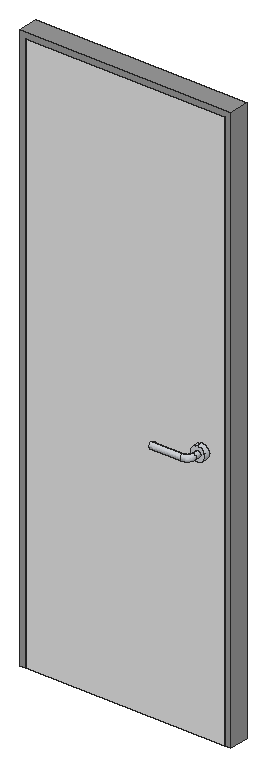
Revit family "- Lucero FR60", category Doors, host Wall, Revit 2018
Family settings
  Host = Wall
  OmniClass Number = 23.30.10.00
  OmniClass Title = Doors
  Always vertical = Yes
  Cut with Voids When Loaded = No
  Shared = No
  Room Calculation Point = No
Parameters (values of type "- 70 x 200 cm")
  Set de Marcos = ""
  Relleno = ""
  Material Marco = - Perfil Aluminio
  Material Hoja = - HDF Primer
  Manilla = - Manilla
  Hojas = "Simple de Abatir"
  Function = Interior
  Frame Projection Ext. = 2.50 cm
  Frame Projection Int. = 2.50 cm
  Frame Width = 7.50 cm
  Height = 200.00 cm
  Wall Closure = By host
  Width = 74.00 cm
  Distancia a Cara Interior = 6.00 cm
  Bisagras = ""
  Ancho Hoja = Width - 4.00 cm  # 70.00 cm
  Ancho = Width  # 74.00 cm
  Analytic Construction = "<None>"
  Alto = Height  # 200.00 cm
Types (12, lengths in cm): name | Material Hoja | Height | Width | Ancho Hoja | Ancho | Alto
  - 70 x 200 cm | - HDF Primer | 200.00 | 74.00 | 70.00 | 74.00 | 200.00
  - 75 x 200 cm | none | 200.00 | 79.00 | 75.00 | 79.00 | 200.00
  - 80 x 200 cm | none | 200.00 | 84.00 | 80.00 | 84.00 | 200.00
  - 85 x 200 cm | none | 200.00 | 89.00 | 85.00 | 89.00 | 200.00
  - 90 x 200 cm | none | 200.00 | 94.00 | 90.00 | 94.00 | 200.00
  -100 x 200 cm | none | 200.00 | 104.00 | 100.00 | 104.00 | 200.00
  - 70 x 210 cm | none | 210.00 | 74.00 | 70.00 | 74.00 | 210.00
  - 75 x 210 cm | none | 210.00 | 79.00 | 75.00 | 79.00 | 210.00
  - 80 x 210 cm | none | 210.00 | 84.00 | 80.00 | 84.00 | 210.00
  - 85 x 210 cm | none | 210.00 | 89.00 | 85.00 | 89.00 | 210.00
  - 90 x 210 cm | none | 210.00 | 94.00 | 90.00 | 94.00 | 210.00
  - 100 x 210 cm | - HDF Crystal | 210.00 | 104.00 | 100.00 | 104.00 | 210.00
Reference planes (cm)
  plane 1: y = 0
  plane 2 "Center (Left/Right)": x = 0
  plane 3 "Left": x = -37
  plane 4 "Right": x = 37
  plane 5: z = 200
  plane 6 "Exterior": y = 7.5
  plane 7 "Interior": y = -7.5
  plane 8: y = -1.5
  plane 9: z = 198
  plane 10: x = -35
  plane 11: x = 35
Forms (cm)
  Sweep 1, solid, material "- Perfil Aluminio" <- "Material Marco"
    path origin (0, 7.5, 0) x (1, 0, 0) y (0, 0, 1)
      loop
        line (37, 0) -> (37, 200) -> (-37, 200) -> (-37, 0)
    profile origin (37, 7.5, 100) x (-1, 0, 0) y (0, -1, 0)
      loop
        line (0, 2) -> (3, 2) -> (3, 4.3) -> (2, 4.3) -> (2, 9) -> (0, 9) -> (0, 2)
  Extrusion 2, solid, material "- HDF Primer" <- "Material Hoja"
    sketch origin (0, 0, 0) x (1, 0, 0) y (0, 1, 0)
      loop
        line (-35, -1.5) -> (35, -1.5) -> (35, 3) -> (-35, 3) -> (-35, -1.5)
    from 0 to 198
  Sweep 3, solid, material "- Manilla" <- "Manilla", not visible
    path origin (5.8483, -7.5601, 0) x (1, 0, 0) y (0, 1, 0)
      loop
        line (22.1517, 15.0613) -> (32.1517, 15.0613)
        arc (32.1517, 15.0613) -> (33.5659, 14.4756) -> (34.1517, 13.0613) r 2
        line (34.1517, 13.0613) -> (34.1517, 11.0613)
    profile origin (33, 7.5012, 0) x (0, 1, 0) y (0, 0, 1)
      loop
        circle (0, 90) r 1
  Extrusion 4, solid, material "- Manilla" <- "Manilla", not visible
    sketch origin (0, 7.5, 0) x (1, 0, 0) y (0, 0, 1)
      loop
        circle (40, 90) r 2.5
    from 3.9988 to 5
Lines and regions (cm)
  Opening 1
    outline origin (-305, -7.5, 0) x (1, 0, 0) y (0, 0, 1)
      loop
        line (268, 0) -> (342, 0) -> (342, 200) -> (268, 200) -> (268, 0)
  symbolic lines, style "Elevation Swing"
    curve 1: line (37, -7.5, 100) -> (-37, -7.5, 200)
    curve 2: line (37, -7.5, 100) -> (-37, -7.5, 0)
    curve 7: arc (-30.5, -71.5, 0) -> (16.4246, -49.6941, 0) -> (35.2596, -1.5001, 0) r 69.4706
  symbolic lines
    curve 3: line (-35, -1.5, 0) -> (-35, -71.5, 0)
    curve 4: line (-30.5, -1.5, 0) -> (-35, -1.5, 0)
    curve 5: line (-30.5, -71.5, 0) -> (-30.5, -1.5, 0)
    curve 6: line (-35, -71.5, 0) -> (-30.5, -71.5, 0)
  model lines, not visible
    curve 8: line (-20, 3, 25) -> (20, 3, 25)
    curve 9: line (-20, 3, 65) -> (-20, 3, 25)
    curve 10: line (20, 3, 65) -> (8.6603, 3, 65)
    curve 11: line (20, 3, 25) -> (20, 3, 65)
    curve 12: line (-20, 3, 75) -> (-8.6603, 3, 75)
    curve 13: line (-20, 3, 75) -> (-20, 3, 169.9666)
    curve 14: line (20, 3, 75) -> (20, 3, 169.9666)
    curve 15: arc (-8.6603, 3, 65) -> (0, 3, 60) -> (8.6603, 3, 65) r 10
    curve 16: line (8.6603, 3, 75) -> (20, 3, 75)
    curve 17: line (-8.6603, 3, 65) -> (-20, 3, 65)
    curve 18: arc (8.6603, 3, 75) -> (0, 3, 80) -> (-8.6603, 3, 75) r 10
    curve 19: arc (14.9666, 3, 175) -> (0, 3, 183) -> (-14.9666, 3, 175) r 18
    curve 20: arc (-20, 3, 169.9666) -> (-16.4409, 3, 171.4409) -> (-14.9666, 3, 175) r 5.0334
    curve 21: arc (14.9666, 3, 175) -> (16.4409, 3, 171.4409) -> (20, 3, 169.9666) r 5.0334
    curve 22: line (-9.2195, 3, 64) -> (-19, 3, 64)
    curve 23: line (-19, 3, 64) -> (-19, 3, 26)
    curve 24: arc (9.2195, 3, 64) -> (0, 3, 59) -> (-9.2195, 3, 64) r 11
    curve 25: line (19, 3, 64) -> (9.2195, 3, 64)
    curve 26: line (19, 3, 26) -> (19, 3, 64)
    curve 27: line (-19, 3, 26) -> (19, 3, 26)
    curve 28: line (-18.9928, 3, 168.9932) -> (-18.9928, 3, 76)
    curve 29: arc (-13.9941, 3, 174.9045) -> (-15.4113, 3, 171.0338) -> (-18.9928, 3, 168.9932) r 5.9946
    curve 30: arc (13.9971, 3, 174.7848) -> (0.0327, 3, 182.1538) -> (-13.9941, 3, 174.9045) r 17.0542
    curve 31: arc (19, 3, 169.1276) -> (15.4988, 3, 171.072) -> (13.9971, 3, 174.7848) r 6.0089
    curve 32: line (19, 3, 76) -> (19, 3, 169.1276)
    curve 33: line (9.2195, 3, 76) -> (19, 3, 76)
    curve 34: arc (-9.2195, 3, 76) -> (0, 3, 81) -> (9.2195, 3, 76) r 11
    curve 35: line (-18.9928, 3, 76) -> (-9.2195, 3, 76)
    curve 36: arc (12.052, 3, 174.0667) -> (0.0498, 3, 180.1537) -> (-12.0243, 3, 174.2107) r 15.0542
    curve 37: arc (-12.0243, 3, 174.2107) -> (-13.561, 3, 170.1508) -> (-16.9928, 3, 167.4925) r 7.9946
    curve 38: line (-16.9928, 3, 167.4925) -> (-16.9928, 3, 78)
    curve 39: line (17, 3, 78) -> (17, 3, 167.6269)
    curve 40: arc (17, 3, 167.6269) -> (13.6492, 3, 170.1731) -> (12.052, 3, 174.0667) r 8.0089
    curve 41: line (-16.9928, 3, 78) -> (-10.247, 3, 78)
    curve 42: arc (-10.247, 3, 78) -> (0, 3, 83) -> (10.247, 3, 78) r 13
    curve 43: line (10.247, 3, 78) -> (17, 3, 78)
    curve 44: line (-10.247, 3, 62) -> (-17, 3, 62)
    curve 45: arc (10.247, 3, 62) -> (0, 3, 57) -> (-10.247, 3, 62) r 13
    curve 46: line (17, 3, 62) -> (10.247, 3, 62)
    curve 47: line (17, 3, 28) -> (17, 3, 62)
    curve 48: line (-17, 3, 28) -> (17, 3, 28)
    curve 49: line (-17, 3, 62) -> (-17, 3, 28)
    curve 50: line (-314, -1.5, 25) -> (-274, -1.5, 25)
    curve 51: line (-314, -1.5, 65) -> (-314, -1.5, 25)
    curve 52: line (-274, -1.5, 25) -> (-274, -1.5, 65)
    curve 53: line (-314, -1.5, 70) -> (-274, -1.5, 70)
    curve 54: line (-314, -1.5, 70) -> (-314, -1.5, 87)
    curve 55: line (-274, -1.5, 70) -> (-274, -1.5, 87)
    curve 56: line (-274, -1.5, 65) -> (-314, -1.5, 65)
    curve 57: line (-275, -1.5, 64) -> (-313, -1.5, 64)
    curve 58: line (-313, -1.5, 64) -> (-313, -1.5, 26)
    curve 59: line (-275, -1.5, 26) -> (-275, -1.5, 64)
    curve 60: line (-313, -1.5, 26) -> (-275, -1.5, 26)
    curve 61: line (-312.9928, -1.5, 86) -> (-312.9928, -1.5, 71)
    curve 62: line (-275, -1.5, 71) -> (-275, -1.5, 86)
    curve 63: line (-312.9928, -1.5, 71) -> (-275, -1.5, 71)
    curve 64: line (-310.9928, -1.5, 84) -> (-310.9928, -1.5, 73)
    curve 65: line (-277, -1.5, 73) -> (-277, -1.5, 84)
    curve 66: line (-310.9928, -1.5, 73) -> (-277, -1.5, 73)
    curve 67: line (-277, -1.5, 62) -> (-311, -1.5, 62)
    curve 68: line (-277, -1.5, 28) -> (-277, -1.5, 62)
    curve 69: line (-311, -1.5, 28) -> (-277, -1.5, 28)
    curve 70: line (-311, -1.5, 62) -> (-311, -1.5, 28)
    curve 71: line (-310.9928, -1.5, 84) -> (-277, -1.5, 84)
    curve 72: line (-314, -1.5, 87) -> (-274, -1.5, 87)
    curve 73: line (-312.9928, -1.5, 86) -> (-275, -1.5, 86)
    curve 74: line (-310.9928, -1.5, 84) -> (-277, -1.5, 84)
    curve 75: line (-314, -1.5, 97) -> (-274, -1.5, 97)
    curve 76: line (-314, -1.5, 185) -> (-314, -1.5, 97)
    curve 77: line (-274, -1.5, 97) -> (-274, -1.5, 185)
    curve 78: line (-274, -1.5, 185) -> (-314, -1.5, 185)
    curve 79: line (-275, -1.5, 184) -> (-313, -1.5, 184)
    curve 80: line (-313, -1.5, 184) -> (-313, -1.5, 98)
    curve 81: line (-275, -1.5, 98) -> (-275, -1.5, 184)
    curve 82: line (-313, -1.5, 98) -> (-275, -1.5, 98)
    curve 83: line (-277, -1.5, 182) -> (-311, -1.5, 182)
    curve 84: line (-277, -1.5, 100) -> (-277, -1.5, 182)
    curve 85: line (-311, -1.5, 100) -> (-277, -1.5, 100)
    curve 86: line (-311, -1.5, 182) -> (-311, -1.5, 100)
    curve 87: line (-320, 3, 25) -> (-280, 3, 25)
    curve 88: line (-320, 3, 65) -> (-320, 3, 25)
    curve 89: line (-280, 3, 25) -> (-280, 3, 65)
    curve 90: line (-320, 3, 72.5) -> (-280, 3, 72.5)
    curve 91: line (-280, 3, 65) -> (-320, 3, 65)
    curve 92: line (-281, 3, 64) -> (-319, 3, 64)
    curve 93: line (-319, 3, 64) -> (-319, 3, 26)
    curve 94: line (-281, 3, 26) -> (-281, 3, 64)
    curve 95: line (-319, 3, 26) -> (-281, 3, 26)
    curve 96: line (-319, 3, 73.5) -> (-281, 3, 73.5)
    curve 97: line (-317, 3, 75.5) -> (-283, 3, 75.5)
    curve 98: line (-283, 3, 62) -> (-317, 3, 62)
    curve 99: line (-283, 3, 28) -> (-283, 3, 62)
    curve 100: line (-317, 3, 28) -> (-283, 3, 28)
    curve 101: line (-317, 3, 62) -> (-317, 3, 28)
    curve 102: line (-320, 3, 179.3431) -> (-320, 3, 72.5)
    curve 103: line (-280, 3, 72.5) -> (-280, 3, 179.3431)
    curve 104: line (-319, 3, 178.3431) -> (-319, 3, 73.5)
    curve 105: line (-281, 3, 73.5) -> (-281, 3, 178.3431)
    curve 106: line (-283, 3, 75.5) -> (-283, 3, 176.3431)
    curve 107: line (-317, 3, 176.3431) -> (-317, 3, 75.5)
    curve 108: arc (-292, 3, 181) -> (-300, 3, 185) -> (-308, 3, 181) r 10
    curve 109: arc (-292, 3, 181) -> (-290.1648, 3, 179.7737) -> (-288, 3, 179.3431) r 5.6569
    curve 110: arc (-308, 3, 181) -> (-309.8352, 3, 179.7737) -> (-312, 3, 179.3431) r 5.6569
    curve 111: line (-288, 3, 179.3431) -> (-280, 3, 179.3431)
    curve 112: line (-312, 3, 179.3431) -> (-320, 3, 179.3431)
    curve 113: line (-281, 3, 178.3431) -> (-288, 3, 178.3431)
    curve 114: arc (-288, 3, 178.3431) -> (-290.5825, 3, 178.8645) -> (-292.7604, 3, 180.3468) r 6.6569
    curve 115: arc (-292.7604, 3, 180.3468) -> (-300, 3, 184) -> (-307.2396, 3, 180.3468) r 9
    curve 116: arc (-307.2396, 3, 180.3468) -> (-309.4175, 3, 178.8645) -> (-312, 3, 178.3431) r 6.6569
    curve 117: line (-312, 3, 178.3431) -> (-319, 3, 178.3431)
    curve 118: line (-283, 3, 176.3431) -> (-288, 3, 176.3431)
    curve 119: arc (-288, 3, 176.3431) -> (-291.43, 3, 177.0516) -> (-294.2985, 3, 179.0611) r 8.6569
    curve 120: arc (-294.2985, 3, 179.0611) -> (-300, 3, 182) -> (-305.7015, 3, 179.0611) r 7
    curve 121: arc (-305.7015, 3, 179.0611) -> (-308.57, 3, 177.0516) -> (-312, 3, 176.3431) r 8.6569
    curve 122: line (-312, 3, 176.3431) -> (-317, 3, 176.3431)
    curve 123: line (302, -1.5, 25) -> (342, -1.5, 25)
    curve 124: line (302, -1.5, 65) -> (302, -1.5, 25)
    curve 125: line (342, -1.5, 25) -> (342, -1.5, 65)
    curve 126: line (302, -1.5, 77.5) -> (342, -1.5, 77.5)
    curve 127: line (342, -1.5, 65) -> (302, -1.5, 65)
    curve 128: line (341, -1.5, 64) -> (303, -1.5, 64)
    curve 129: line (303, -1.5, 64) -> (303, -1.5, 26)
    curve 130: line (341, -1.5, 26) -> (341, -1.5, 64)
    curve 131: line (303, -1.5, 26) -> (341, -1.5, 26)
    curve 132: line (303, -1.5, 78.5) -> (341, -1.5, 78.5)
    curve 133: line (304.9998, -1.5, 80.5) -> (339.0011, -1.5, 80.5)
    curve 134: line (339, -1.5, 62) -> (305, -1.5, 62)
    curve 135: line (339, -1.5, 28) -> (339, -1.5, 62)
    curve 136: line (305, -1.5, 28) -> (339, -1.5, 28)
    curve 137: line (305, -1.5, 62) -> (305, -1.5, 28)
    curve 138: line (302, -1.5, 185) -> (302, -1.5, 77.5)
    curve 139: line (342, -1.5, 77.5) -> (342, -1.5, 185)
    curve 140: line (303, -1.5, 184) -> (303, -1.5, 78.5)
    curve 141: line (341, -1.5, 78.5) -> (341, -1.5, 184)
    curve 142: line (339.0011, -1.5, 80.5) -> (339.0011, -1.5, 182)
    curve 143: line (304.9998, -1.5, 182) -> (304.9998, -1.5, 80.5)
    curve 144: line (306, 3, 25) -> (346, 3, 25)
    curve 145: line (306, 3, 65) -> (306, 3, 25)
    curve 146: line (346, 3, 25) -> (346, 3, 65)
    curve 147: line (306, 3, 77.5) -> (346, 3, 77.5)
    curve 148: line (346, 3, 65) -> (306, 3, 65)
    curve 149: line (345, 3, 64) -> (307, 3, 64)
    curve 150: line (307, 3, 64) -> (307, 3, 26)
    curve 151: line (345, 3, 26) -> (345, 3, 64)
    curve 152: line (307, 3, 26) -> (345, 3, 26)
    curve 153: line (307, 3, 78.5) -> (345, 3, 78.5)
    curve 154: line (308.9998, 3, 80.5) -> (343.0011, 3, 80.5)
    curve 155: line (343, 3, 62) -> (309, 3, 62)
    curve 156: line (343, 3, 28) -> (343, 3, 62)
    curve 157: line (309, 3, 28) -> (343, 3, 28)
    curve 158: line (309, 3, 62) -> (309, 3, 28)
    curve 159: line (306, 3, 185) -> (306, 3, 77.5)
    curve 160: line (346, 3, 77.5) -> (346, 3, 185)
    curve 161: line (307, 3, 184) -> (307, 3, 78.5)
    curve 162: line (345, 3, 78.5) -> (345, 3, 184)
    curve 163: line (343.0011, 3, 80.5) -> (343.0011, 3, 182)
    curve 164: line (308.9998, 3, 182) -> (308.9998, 3, 80.5)
    curve 165: line (346, 3, 185) -> (306, 3, 185)
    curve 166: line (345, 3, 184) -> (307, 3, 184)
    curve 167: line (343.0011, 3, 182) -> (308.9998, 3, 182)
    curve 168: line (302, -1.5, 185) -> (342, -1.5, 185)
    curve 169: line (341, -1.5, 184) -> (303, -1.5, 184)
    curve 170: line (339.0011, -1.5, 182) -> (304.9998, -1.5, 182)
    curve 171: line (24, 7.5, 179) -> (-49, 7.5, 179)
    curve 172: line (24, 7.5, 178) -> (-49, 7.5, 178)
    curve 175: line (-49, 7.5, 178.5) -> (-48.8, 7.5, 178.5)
  model lines
    curve 173: line (-34, 7.5, 34.5) -> (-33.8, 7.5, 34.5)
    curve 174: line (-34, 7.5, 172.5) -> (-33.8, 7.5, 172.5)
    curve 176: line (-34, 7.5, 138) -> (-33.8, 7.5, 138)
    curve 177: line (-34, 7.5, 103.5) -> (-33.8, 7.5, 103.5)
    curve 178: line (-34, 7.5, 69) -> (-33.8, 7.5, 69)
    curve 179: line (-35, -1.5, 165) -> (35, -1.5, 165)
    curve 180: line (-35, -1.5, 33) -> (35, -1.5, 33)
    curve 181: line (-35, -1.5, 66) -> (35, -1.5, 66)
    curve 182: line (-35, -1.5, 99) -> (35, -1.5, 99)
    curve 183: line (-35, -1.5, 132) -> (35, -1.5, 132)
    curve 184: line (34, 3, 173.3333) -> (-34, 3, 173.3333)
    curve 185: line (34, 3, 138.6667) -> (-34, 3, 138.6667)
    curve 186: line (34, 3, 104) -> (-34, 3, 104)
    curve 187: line (34, 3, 69.3333) -> (-34, 3, 69.3333)
    curve 188: line (34, 3, 34.6667) -> (-34, 3, 34.6667)
Text (cm)
  text "Exterior" at (-229.5016, 109.9543, 0), in view "Ref. Level"
  text "Exterior" at (0, 161.538, 369.8081), in view "Left"
  text "Exterior" at (0, 103.6032, 387.4932), in view "Right"
Dimensions and locks (cm)
  equal spacing: plane 3 "Left", plane 2 "Center (Left/Right)", plane 4 "Right"
  "Width": plane 3 "Left" to plane 4 "Right"
  "Height": plane 5 to host wall
  equal spacing: host wall, curve 2, plane 5
  host wall to plane 5 = 200.00 cm
  locked: plane 6 "Exterior" to host wall at 0
  locked: plane 7 "Interior" to host wall
  "Distancia a Cara Interior": plane 7 "Interior" to plane 8
  locked: Sweep 1 sketch curve to Sweep 1 sketch curve at 7
  locked: plane 9 to plane 5 at 2
  locked: curve 3 to curve 5 at 4.5
  locked: plane 3 "Left" to plane 10 at 2
  locked: plane 11 to plane 4 "Right" at 2
  "Ancho Hoja": curve 6 to curve 4
  locked: Extrusion 2 sketch curve to Extrusion 2 sketch curve at 4.5
  locked: nested 1 to plane 4 "Right" at 10
  level to nested 1 = 90.00 cm
  locked: nested 2 to plane 4 "Right" at 10
  locked: nested 2 to level at 90
  locked: Sweep 1 sketch curve to Sweep 1 sketch curve at 2.3
  equal spacing: plane 9, curve 179, curve 183, curve 182, curve 181, curve 180, level
  aligned and locked: plane 3 "Left" to Opening 1 sketch curve
  aligned and locked: plane 5 to Opening 1 sketch curve  (x2)
  aligned and locked: Opening 1 sketch curve to plane 4 "Right"
  aligned and locked: Opening 1 sketch curve to level
  aligned and locked: plane 5 to curve 1
  aligned and locked: plane 3 "Left" to curve 2
  aligned and locked: plane 1 to host wall
  aligned and locked: plane 3 "Left" to curve 1
  aligned and locked: plane 8 to Sweep 1 sketch curve
  aligned and locked: Extrusion 2 sketch curve to plane 8
  aligned and locked: Sweep 1 to level
  aligned and locked: plane 10 to curve 3
  aligned and locked: Sweep 3 to Extrusion 4
  aligned and locked: Extrusion 2 to plane 9
Automatic sketch dimensions
  curve 7 to plane 8 = 0.0001 cm
  curve 7 to plane 11 = 0.2596 cm
  curve 4 to plane 8 = 0.00 cm
  curve 7 to plane 10 = 0.7919 cm
  Sweep 3 sketch curve to Sweep 3 sketch curve = 10.00 cm
  Sweep 3 sketch curve to Sweep 3 sketch curve = 2.00 cm  (x2)
  Sweep 3 sketch curve to profile plane = 0.00 cm
  profile plane to Sweep 3 sketch curve = 90.00 cm
  Extrusion 2 sketch curve to plane 10 = 0.00 cm
  Extrusion 2 sketch curve to plane 11 = 0.00 cm
  curve 15 to curve 18 = 0.00 cm  (x4)
  curve 15 to curve 24 = 0.00 cm  (x4)
  curve 15 to curve 34 = 0.00 cm  (x4)
  curve 15 to curve 42 = 0.00 cm  (x4)
  curve 15 to curve 45 = 0.00 cm  (x4)
  curve 29 to curve 37 = 0.00 cm  (x4)
  curve 30 to curve 36 = 0.00 cm  (x4)
  curve 31 to curve 40 = 0.00 cm  (x4)
  curve 8 to curve 31 = 0.00 cm
  curve 21 to curve 31 = 0.00 cm
  curve 14 to curve 32 = 1.00 cm
  curve 10 to curve 26 = 1.00 cm
  curve 26 to curve 47 = 2.00 cm
  curve 32 to curve 39 = 2.00 cm
  curve 46 to curve 46 = 6.753 cm
  curve 39 to curve 43 = 6.753 cm
  curve 42 to curve 33 = 1.0274 cm
  curve 45 to curve 25 = 1.0274 cm
  curve 33 to curve 16 = 0.5593 cm
  curve 24 to curve 10 = 0.5593 cm
  curve 16 to curve 24 = 8.6603 cm
  curve 39 to curve 19 = 17.00 cm
  curve 19 to curve 36 = 0.0402 cm
  curve 15 to curve 12 = 8.6603 cm
  curve 15 to curve 17 = 8.6603 cm
  curve 15 to curve 22 = 0.5593 cm
  curve 12 to curve 35 = 0.5593 cm
  curve 22 to curve 44 = 1.0274 cm
  curve 34 to curve 41 = 1.0274 cm
  curve 41 to curve 38 = 6.7459 cm
  curve 47 to curve 48 = 34.00 cm
  curve 38 to curve 35 = 2.00 cm
  curve 44 to curve 22 = 2.00 cm
  curve 28 to curve 29 = 0.9959 cm
  curve 29 to curve 20 = 0.0113 cm
  curve 22 to curve 17 = 1.00 cm
  curve 8 to curve 26 = 1.00 cm
  curve 23 to curve 49 = 2.00 cm
  curve 48 to curve 49 = 34.00 cm
  curve 45 to curve 25 = 2.00 cm
  curve 25 to curve 10 = 1.00 cm
  curve 10 to curve 45 = 5.00 cm
  curve 10 to curve 16 = 10.00 cm
  curve 12 to curve 35 = 1.00 cm
  curve 34 to curve 41 = 2.00 cm
  curve 41 to curve 19 = 87.00 cm
  curve 19 to curve 30 = 0.0997 cm
  curve 36 to curve 38 = 2.3928 cm
  curve 19 to curve 39 = 2.6269 cm
  curve 37 to curve 28 = 1.5007 cm
  curve 39 to curve 32 = 1.5007 cm
  curve 28 to curve 13 = 0.9734 cm
  curve 31 to curve 14 = 0.839 cm
  curve 13 to curve 29 = 4.9378 cm
  curve 29 to curve 20 = 0.0955 cm
  curve 21 to curve 40 = 0.0527 cm
  curve 31 to curve 36 = 1.9451 cm
  curve 55 to curve 62 = 1.4142 cm
  curve 59 to curve 68 = 2.8284 cm
  curve 62 to curve 65 = 2.8284 cm
  curve 53 to curve 63 = 1.4142 cm
  curve 57 to curve 67 = 2.8284 cm
  curve 66 to curve 64 = 33.9928 cm
  curve 68 to curve 69 = 34.00 cm
  curve 64 to curve 63 = 2.8284 cm
  curve 67 to curve 57 = 2.8284 cm
  curve 57 to curve 56 = 1.4142 cm
  curve 50 to curve 59 = 1.4142 cm
  curve 58 to curve 70 = 2.8284 cm
  curve 69 to curve 70 = 34.00 cm  (x2)
  curve 53 to curve 63 = 1.4193 cm
  curve 65 to curve 62 = 2.8284 cm
  curve 61 to curve 54 = 1.4193 cm
  curve 18 to curve 24 = 0.00 cm  (x2)
  curve 18 to curve 34 = 0.00 cm  (x2)
  curve 18 to curve 42 = 0.00 cm  (x2)
  curve 18 to curve 45 = 0.00 cm  (x2)
  curve 24 to curve 34 = 0.00 cm  (x2)
  curve 24 to curve 42 = 0.00 cm  (x2)
  curve 24 to curve 45 = 0.00 cm  (x2)
  curve 34 to curve 42 = 0.00 cm  (x2)
  curve 34 to curve 45 = 0.00 cm  (x2)
  curve 42 to curve 45 = 0.00 cm  (x2)
  curve 72 to curve 51 = 0.00 cm
  curve 75 to curve 54 = 0.00 cm
  curve 76 to curve 79 = 1.00 cm
  curve 51 to curve 57 = 1.00 cm
  curve 53 to curve 63 = 1.0072 cm
  curve 79 to curve 86 = 2.00 cm
  curve 58 to curve 70 = 2.00 cm
  curve 61 to curve 66 = 2.00 cm
  curve 64 to curve 65 = 33.9928 cm
  curve 69 to curve 69 = 34.00 cm
  curve 85 to curve 65 = 0.00 cm
  curve 68 to curve 60 = 2.00 cm
  curve 65 to curve 63 = 2.00 cm
  curve 84 to curve 82 = 2.00 cm
  curve 62 to curve 55 = 1.00 cm
  curve 57 to curve 56 = 1.00 cm  (x2)
  curve 79 to curve 78 = 1.00 cm  (x2)
  curve 50 to curve 59 = 1.00 cm
  curve 59 to curve 68 = 2.00 cm
  curve 67 to curve 57 = 2.00 cm
  curve 52 to curve 53 = 5.00 cm
  curve 53 to curve 63 = 1.00 cm
  curve 62 to curve 66 = 2.00 cm
  curve 65 to curve 71 = 11.00 cm
  curve 65 to curve 62 = 2.00 cm
  curve 62 to curve 72 = 1.00 cm
  curve 55 to curve 75 = 10.00 cm
  curve 75 to curve 82 = 1.00 cm
  curve 81 to curve 84 = 2.00 cm
  curve 84 to curve 84 = 82.00 cm
  curve 83 to curve 79 = 2.00 cm
  curve 87 to curve 90 = 0.00 cm
  curve 103 to curve 105 = 1.00 cm
  curve 89 to curve 92 = 1.00 cm
  curve 105 to curve 106 = 2.00 cm
  curve 92 to curve 99 = 2.00 cm
  curve 98 to curve 98 = 34.00 cm
  curve 106 to curve 107 = 34.00 cm
  curve 97 to curve 96 = 2.00 cm
  curve 98 to curve 92 = 2.00 cm
  curve 96 to curve 102 = 1.00 cm
  curve 92 to curve 91 = 1.00 cm
  curve 87 to curve 94 = 1.00 cm
  curve 94 to curve 99 = 2.00 cm
  curve 100 to curve 101 = 34.00 cm
  curve 98 to curve 93 = 2.00 cm
  curve 92 to curve 89 = 1.00 cm
  curve 89 to curve 103 = 7.50 cm
  curve 90 to curve 105 = 1.00 cm
  curve 96 to curve 106 = 2.00 cm
  curve 97 to curve 107 = 100.8431 cm
  curve 106 to curve 107 = 0.00 cm
  curve 106 to curve 105 = 2.00 cm
  curve 105 to curve 103 = 1.00 cm
  curve 123 to curve 126 = 52.50 cm
  curve 139 to curve 141 = 1.4142 cm
  curve 125 to curve 128 = 1.4142 cm
  curve 141 to curve 142 = 2.8276 cm
  curve 128 to curve 135 = 2.8284 cm
  curve 134 to curve 134 = 34.00 cm
  curve 142 to curve 143 = 34.0013 cm  (x2)
  curve 133 to curve 132 = 2.8283 cm
  curve 134 to curve 128 = 2.8284 cm
  curve 132 to curve 138 = 1.4142 cm
  curve 128 to curve 127 = 1.4142 cm
  curve 123 to curve 130 = 1.4142 cm
  curve 130 to curve 135 = 2.8284 cm
  curve 136 to curve 137 = 34.00 cm  (x2)
  curve 134 to curve 129 = 2.8284 cm
  curve 128 to curve 125 = 1.4142 cm
  curve 125 to curve 139 = 12.50 cm
  curve 126 to curve 141 = 1.4142 cm
  curve 132 to curve 142 = 2.8276 cm
  curve 133 to curve 143 = 101.50 cm
  curve 142 to curve 141 = 2.8276 cm
  curve 143 to curve 140 = 2.8283 cm
  curve 141 to curve 139 = 1.4142 cm
  curve 140 to curve 138 = 1.4142 cm
  curve 108 to curve 115 = 0.00 cm  (x4)
  curve 108 to curve 120 = 0.00 cm  (x4)
  curve 109 to curve 114 = 0.00 cm  (x3)
  curve 109 to curve 119 = 0.00 cm  (x4)
  curve 110 to curve 116 = 0.00 cm  (x3)
  curve 110 to curve 121 = 0.00 cm  (x3)
  curve 114 to curve 119 = 0.00 cm  (x3)
  curve 116 to curve 121 = 0.00 cm  (x4)
  curve 106 to curve 111 = 5.00 cm
  curve 118 to curve 115 = 12.00 cm
  curve 110 to curve 104 = 7.00 cm
  curve 115 to curve 106 = 1.3431 cm
  curve 122 to curve 117 = 2.00 cm
  curve 117 to curve 112 = 1.00 cm
  curve 110 to curve 121 = 5.6569 cm
  curve 111 to curve 109 = 5.6569 cm
  curve 109 to curve 109 = 4.00 cm
  curve 108 to curve 115 = 0.7604 cm
  curve 115 to curve 119 = 1.5381 cm
  curve 115 to curve 120 = 0.00 cm  (x2)
  curve 144 to curve 147 = 52.50 cm
  curve 160 to curve 162 = 1.4142 cm
  curve 146 to curve 149 = 1.4142 cm
  curve 162 to curve 163 = 2.8276 cm
  curve 149 to curve 156 = 2.8284 cm
  curve 155 to curve 155 = 34.00 cm  (x2)
  curve 163 to curve 164 = 34.0013 cm  (x3)
  curve 154 to curve 153 = 2.8283 cm
  curve 155 to curve 149 = 2.8284 cm
  curve 153 to curve 159 = 1.4142 cm
  curve 149 to curve 148 = 1.4142 cm
  curve 144 to curve 151 = 1.4142 cm  (x2)
  curve 151 to curve 156 = 2.8284 cm  (x2)
  curve 157 to curve 158 = 34.00 cm  (x3)
  curve 155 to curve 150 = 2.8284 cm  (x2)
  curve 149 to curve 146 = 1.4142 cm  (x2)
  curve 146 to curve 160 = 12.50 cm  (x3)
  curve 147 to curve 162 = 1.4142 cm
  curve 153 to curve 163 = 2.8276 cm
  curve 154 to curve 164 = 101.50 cm  (x2)
  curve 163 to curve 162 = 2.8276 cm  (x2)
  curve 164 to curve 161 = 2.8283 cm
  curve 162 to curve 160 = 1.4142 cm
  curve 161 to curve 159 = 1.4142 cm
  curve 159 to curve 145 = 120.00 cm
  curve 147 to curve 161 = 1.4142 cm
  curve 145 to curve 149 = 1.4142 cm
  curve 150 to curve 158 = 2.8284 cm
  curve 153 to curve 154 = 2.8283 cm
  curve 155 to curve 163 = 18.50 cm
  curve 156 to curve 152 = 2.8284 cm
  curve 153 to curve 160 = 1.4142 cm
  curve 151 to curve 144 = 1.4142 cm
  curve 147 to curve 153 = 1.4142 cm
  curve 153 to curve 164 = 2.8283 cm
  curve 144 to curve 147 = 0.00 cm
  curve 147 to curve 153 = 1.00 cm  (x2)
  curve 146 to curve 149 = 1.00 cm
  curve 162 to curve 163 = 1.9989 cm
  curve 149 to curve 156 = 2.00 cm
  curve 155 to curve 158 = 34.00 cm
  curve 164 to curve 161 = 1.9998 cm
  curve 155 to curve 149 = 2.00 cm
  curve 150 to curve 145 = 1.00 cm
  curve 153 to curve 147 = 1.00 cm
  curve 144 to curve 151 = 1.00 cm
  curve 151 to curve 156 = 2.00 cm
  curve 155 to curve 150 = 2.00 cm
  curve 149 to curve 148 = 1.00 cm
  curve 153 to curve 154 = 2.00 cm
  curve 164 to curve 161 = 2.00 cm
  curve 161 to curve 159 = 1.00 cm
  curve 168 to curve 124 = 0.00 cm
  curve 126 to curve 132 = 1.00 cm  (x2)
  curve 124 to curve 128 = 1.00 cm
  curve 132 to curve 143 = 1.9998 cm
  curve 129 to curve 137 = 2.00 cm
  curve 134 to curve 135 = 34.00 cm
  curve 134 to curve 133 = 0.0011 cm
  curve 134 to curve 130 = 2.00 cm  (x2)
  curve 133 to curve 132 = 1.9989 cm
  curve 141 to curve 139 = 1.00 cm
  curve 128 to curve 125 = 1.00 cm
  curve 123 to curve 130 = 1.00 cm
  curve 130 to curve 136 = 2.00 cm
  curve 128 to curve 127 = 1.00 cm
  curve 124 to curve 138 = 12.50 cm
  curve 132 to curve 143 = 2.00 cm
  curve 133 to curve 168 = 104.50 cm
  curve 142 to curve 141 = 2.00 cm
  curve 169 to curve 139 = 1.00 cm
  curve 173 to curve 173 = 0.20 cm
  curve 174 to curve 174 = 0.20 cm  (x2)
  curve 175 to curve 175 = 0.20 cm
  curve 175 to curve 172 = 72.80 cm
  curve 171 to curve 172 = 0.00 cm  (x2)
  curve 172 to curve 175 = 0.50 cm
  curve 175 to curve 171 = 0.50 cm
  curve 175 to curve 172 = 0.00 cm
  curve 176 to curve 176 = 0.20 cm  (x2)
  curve 177 to curve 177 = 0.20 cm  (x2)
  curve 178 to curve 178 = 0.20 cm  (x2)
  curve 2 to level = 0.00 cm
  plane 4 "Right" to curve 2 = 0.00 cm
  plane 3 "Left" to Sweep 1 sketch curve = 0.00 cm
  plane 4 "Right" to Sweep 1 sketch curve = 0.00 cm
  Sweep 1 sketch curve to level = 0.00 cm  (x2)
  Sweep 1 sketch curve to plane 5 = 0.00 cm
  Sweep 1 sketch curve to profile plane = 0.00 cm
  Sweep 1 sketch curve to profile plane = 2.00 cm
  Sweep 1 sketch curve to Sweep 1 sketch curve = 1.00 cm
  curve 173 to plane 10 = 1.00 cm
  curve 173 to plane 10 = 1.20 cm
  level to curve 173 = 34.50 cm
  curve 178 to plane 10 = 1.00 cm
  level to curve 178 = 69.00 cm
  curve 176 to plane 10 = 1.00 cm
  curve 177 to plane 10 = 1.00 cm
  curve 174 to plane 10 = 1.00 cm
  curve 178 to curve 177 = 34.50 cm
  curve 177 to curve 176 = 34.50 cm
  plane 9 to curve 174 = 25.50 cm
  Extrusion 2 to curve 184 = 1.00 cm
  Extrusion 2 to curve 188 = 1.00 cm
  Extrusion 2 to curve 187 = 1.00 cm
  Extrusion 2 to curve 185 = 1.00 cm
  Extrusion 2 to curve 186 = 1.00 cm
  curve 184 to Extrusion 2 = 1.00 cm
  curve 187 to Extrusion 2 = 1.00 cm
  curve 186 to Extrusion 2 = 1.00 cm
  curve 185 to Extrusion 2 = 1.00 cm
  curve 188 to Extrusion 2 = 1.00 cm
  Extrusion 2 to curve 188 = 34.6667 cm
  curve 188 to curve 187 = 34.6667 cm
  curve 187 to curve 186 = 34.6667 cm
  curve 186 to curve 185 = 34.6667 cm
  curve 185 to curve 184 = 34.6667 cm
  curve 179 to Extrusion 2 = 0.00 cm
  curve 182 to Extrusion 2 = 0.00 cm
  curve 180 to Extrusion 2 = 0.00 cm
  curve 181 to Extrusion 2 = 0.00 cm
  curve 183 to Extrusion 2 = 0.00 cm
  Extrusion 2 to curve 179 = 0.00 cm
  Extrusion 2 to curve 182 = 0.00 cm
  Extrusion 2 to curve 181 = 0.00 cm
  Extrusion 2 to curve 180 = 0.00 cm
  Extrusion 2 to curve 183 = 0.00 cm
  radius of Sweep 3 sketch curve = 1.00 cm
  radius of Extrusion 4 sketch curve = 2.50 cm
Nested families (cm)
  nested 1: "- Manilla Generica Puerta" at (27, 3, 90) x (0, 0, -1) z (0, 1, 0), type "- Manilla Generica Puerta"
  nested 2: "- Manilla Generica Puerta" at (27, -1.5, 90) x (0, 0, -1) z (0, -1, 0), type "- Manilla Generica Puerta"
Definition of nested family "- Manilla Generica Puerta"
  Parameters (values of type "- Manilla Generica Puerta")
    Manilla = none
    Default Elevation = 121.92 cm
  Reference planes (cm)
    plane 1 "Center (Front/Back)": y = 0
    plane 2: z = 0
    plane 3 "Center (Left/Right)": x = 0
    plane 4: z = 2
  Forms (cm)
    Extrusion 1, solid
      sketch origin (0, 0, 0) x (1, 0, 0) y (0, 1, 0)
        loop
          line (-121.92, 121.92) -> (-121.92, -121.92) -> (121.92, -121.92) -> (121.92, 121.92) -> (-121.92, 121.92)
      from 0 to -30.48
    Extrusion 2, solid, material <- "Manilla"
      sketch origin (0, 0, 0) x (1, 0, 0) y (0, 1, 0)
        loop
          circle (0, 0) r 2.5
      from 0 to 2
    Sweep 3, solid, material <- "Manilla"
      path origin (0, 0, 0) x (0, 1, 0) y (0, 0, 1)
        loop
          line (0, 2) -> (0, 4)
          arc (0, 4) -> (0.5858, 5.4142) -> (2, 6) r 2
          line (2, 6) -> (13, 6)
      profile origin (0, 0, 3) x (0, -1, 0) y (1, 0, 0)
        loop
          circle (0, 0) r 1
  Dimensions and locks (cm)
    locked: Extrusion 2 to Extrusion 2 at 2
    locked: plane 4 to level at 2
    aligned and locked: plane 2 to Extrusion 1
    aligned and locked: level to Extrusion 1
    aligned and locked: plane 4 to Sweep 3
